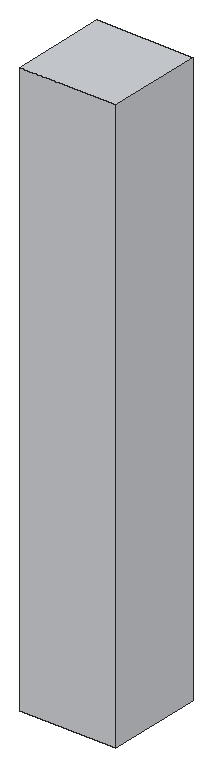
Revit family "Rectangular Column", category Structural Columns, Revit 2018
Family settings
  Section Shape = Not Defined
  Material for Model Behavior = Other
  Always export as geometry = No
  Beam cutback in plan = From bounding box
  OmniClass Number = 23.25.30.11.14.11
  OmniClass Title = Columns
  Cut with Voids When Loaded = No
  Symbolic Representation = From Family
  Shared = No
  Show family pre-cut in plan views = Yes
Parameters (values of type "18" x 18"")
  Vertical Reinforcement = 0
  Segment 5 reinforcement [instance] = ""
  Segment 4 reinforcement [instance] = ""
  Segment 3 reinforcement [instance] = ""
  Segment 2 reinforcement [instance] = ""
  Segment 1 reinforcement [instance] = ""
  Assembly Code = "B1010200"
  Depth = 1' - 6"
  Material = none
  Offset Base = 0' - 0"
  Offset Top = 0' - 0"
  Width = 1' - 6"
Types (3): name | Depth | Width
  24" x 24" | 2' - 0" | 2' - 0"
  18" x 24" | 1' - 6" | 2' - 0"
  18" x 18" | 1' - 6" | 1' - 6"
Reference planes (in)
  plane 1: y = 0
  plane 2: z = 0
  plane 3: x = 0
  plane 4: z = 108
  plane 5: z = 0
Forms (in)
  Extrusion 1, solid, material <- "Material"
    sketch origin (0, 0, 0) x (1, 0, 0) y (0, 1, 0)
      loop
        line (-9, 9) -> (-9, -9) -> (9, -9) -> (9, 9) -> (-9, 9)
    from 0 to 108
Lines and regions (in)
  symbolic lines, style "InvisibleLines"
    curve 1: line (-9, 9, 0) -> (9, 9, 0)
    curve 2: line (-9, -9, 0) -> (-9, 9, 0)
    curve 3: line (9, -9, 0) -> (-9, -9, 0)
    curve 4: line (9, 9, 0) -> (9, -9, 0)
Dimensions and locks (in)
  "Offset Base": plane 5 to level
  "Offset Top": level to plane 4
  "Width": curve 2 to curve 4
  "Depth": curve 1 to curve 3
  equal spacing: curve 3, plane 1, curve 1
  equal spacing: curve 2, plane 3, curve 4
  aligned and locked: Extrusion 1 to plane 5
  aligned and locked: plane 4 to Extrusion 1
  aligned and locked: Extrusion 1 sketch curve to curve 1  (x3)
  aligned and locked: Extrusion 1 sketch curve to curve 2
